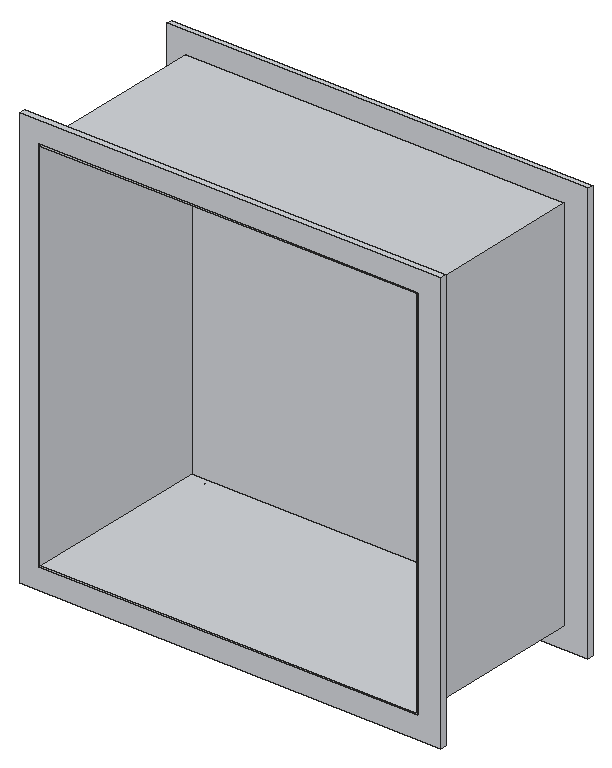
Revit family "НЕВАТОМ_Клапан KD-120-AxB-F2-SN-EM-24(220)-04", category Арматура воздуховодов, Revit 2017
Family settings
  Размер круглого соединителя = Использовать диаметр
  Тип детали = Вставляется
  На основе рабочей плоскости = Нет
  Всегда вертикально = Да
  При загрузке вырезать с полостями = Нет
  Общий = Нет
Parameters (values of type "НЕВАТОМ_Клапан KD-120-AxB-F2-SN-EM-24(220)-04")
  а [instance] = A - 2 mm  # 398 mm
  Постоянная ширина [instance] = 200 mm
  НЕВАТОМ_Потребляемая мощность привода = if(and(not(ADSK_Напряжение > 220 V), not(ADSK_Напряжение < 220 V)), 30 W, if(and(not(ADSK_Напряжение > 24 V), not(ADSK_Напряжение < 24 V)), 90 W, 0 W))  # 90 W
  НЕВАТОМ_URL [instance] = "https://t.me/NEVATOM_Bim_bot"
  Клапан = "НЕВАТОМ_Клапан KD-120-AxB-F2-SN-EM-24(220)-04"  # constant formula
  Неватом_открытое положение заслонки [instance] = no
  Неватом_закрытое положение заслонки [instance] = and(not(Неватом_открытое положение заслонки))  # yes
  Выбор напряжения = if(U24, 1 mm, 0 mm)  # 1 mm
  t фланца = 2.5 mm
  t корпуса = 220 mm - 2.5 mm  # 217.5 mm
  h прохода = 220 mm - 5 mm  # 215 mm
  b [instance] = B - 2 mm  # 398 mm
  U24 = yes
  U220 = and(not(U24))  # no
  B2 [instance] = if(and(A + B < 1001 mm), B + 45 mm, if(and(A + B > 1001 mm), B + 60 mm, 0 mm))  # 445 mm
  B [instance] = 400 mm
  ADSK_Ток = 3 A  # constant formula
  ADSK_Расход воздуха [instance] = 0.0 m³/h
  ADSK_Размер_Ширина [instance] = A  # 400 mm
  ADSK_Размер_Высота [instance] = B  # 400 mm
  ADSK_Предел огнестойкости = "120"  # constant formula
  ADSK_Полная мощность = НЕВАТОМ_Потребляемая мощность привода  # 90 VA
  ADSK_Обозначение = ""
  ADSK_Номинальная мощность = ADSK_Полная мощность * ADSK_Коэффициент мощности  # 90 W
  ADSK_Напряжение = if(U24, 24 V, 220 V)  # 24 V
  ADSK_Наименование [instance] = "Клапан дымоудаления канальный"  # constant formula
  ADSK_Масса [instance] = size_lookup(Клапан, "N", 0, A, B, Выбор напряжения)  # 0
  ADSK_Марка [instance] = size_lookup(Клапан, "", "нестандартное исполнение", A, B, Выбор напряжения)  # "KD-120-400x400-F2-SN-EM-24"
  ADSK_Коэффициент мощности = 1  # constant formula
  ADSK_Количество = 1  # constant formula
  ADSK_Код изделия = ""
  ADSK_Зона = ""
  ADSK_Завод-изготовитель = "НЕВАТОМ"  # constant formula
  ADSK_Единица измерения = "шт."  # constant formula
  A2 [instance] = if(and(A + B < 1001 mm), A + 45 mm, if(and(A + B > 1001 mm), A + 60 mm, 0 mm))  # 445 mm
  A [instance] = 400 mm
Reference planes
  plane 1 "По центру (Вперед/Назад)": y = 0
  plane 2: z = 0
  plane 3 "По центру (Влево/Вправо)": x = 0
  plane 4: y = -200
  plane 5: z = 222.5
  plane 6: z = -222.5
  plane 7: x = -1855.53
  plane 8: x = -1410.53
  plane 9: x = -1835.53
  plane 10: x = -1435.53
  plane 11: z = 200
  plane 12: z = -200
  plane 13 "заслонка": y = 570
  plane 14: y = -200
Forms (mm)
  Extrusion 1, solid, detail levels medium+fine
    sketch origin (0, 0, 0) x (1, 0, 0) y (0, 0, 1)
      loop
        line (-1835.53, 200) -> (-1835.53, -200) -> (-1435.53, -200) -> (-1435.53, 200) -> (-1835.53, 200)
      loop
        line (-1834.53, 199) -> (-1834.53, -199.108) -> (-1436.7, -199.108) -> (-1436.7, 199) -> (-1834.53, 199)
    from 0 to 200
  Extrusion 2, solid, visible <- "Неватом_закрытое положение заслонки", detail levels medium+fine
    sketch origin (0, 0, 0) x (0, 1, 0) y (0, 0, 1)
      loop
        line (0, 200) -> (0, -200) -> (1.324, -200) -> (1.324, 200) -> (0, 200)
    from -1835.53 to -1435.53
  Extrusion 3, solid, detail levels medium+fine
    sketch origin (0, 193.784, 0) x (1, 0, 0) y (0, 0, 1)
      loop
        line (-1855.53, 222.5) -> (-1855.53, -222.5) -> (-1410.53, -222.5) -> (-1410.53, 222.5) -> (-1855.53, 222.5)
      loop
        line (-1835.53, 200) -> (-1835.53, -200) -> (-1435.53, -200) -> (-1435.53, 200) -> (-1835.53, 200)
    from 193.784 to 200
  Extrusion 4, solid, detail levels medium+fine
    sketch origin (0, 0, 0) x (1, 0, 0) y (0, 0, 1)
      loop
        line (-1855.53, 222.5) -> (-1855.53, -222.5) -> (-1410.53, -222.5) -> (-1410.53, 222.5) -> (-1855.53, 222.5)
      loop
        line (-1835.53, 200) -> (-1835.53, -200) -> (-1435.53, -200) -> (-1435.53, 200) -> (-1835.53, 200)
    from 193.784 to 200
Dimensions and locks
  equal spacing: plane 5, level, plane 6
  equal spacing: plane 11, level, plane 12
  "A2": plane 8 to plane 7
  "A": plane 10 to plane 9
  "B2": plane 5 to plane 6
  "B": plane 11 to plane 12
  "Постоянная ширина": plane 1 "По центру (Вперед/Назад)" to plane 4
  plane 9 to plane 10 = 400 mm
  Extrusion 1 to Extrusion 2 sketch curve = 1.324 mm
  locked: Extrusion 2 to Extrusion 2 at 1.324
  locked: Extrusion 3 to Extrusion 3 at 6.216
  locked: Extrusion 4 to Extrusion 4 at 6.216
  aligned and locked: level to plane 2
  aligned and locked: Extrusion 1 sketch curve to plane 11
  aligned and locked: plane 9 to Extrusion 1 sketch curve
  aligned and locked: Extrusion 1 sketch curve to plane 10
  aligned and locked: plane 12 to Extrusion 1 sketch curve
  aligned and locked: Extrusion 1 to plane 4
  aligned and locked: Extrusion 1 to plane 1 "По центру (Вперед/Назад)"
  aligned and locked: plane 4 to plane 14
  aligned and locked: plane 12 to Extrusion 2 sketch curve
  aligned and locked: Extrusion 2 sketch curve to plane 11
  aligned and locked: plane 1 "По центру (Вперед/Назад)" to Extrusion 2
  aligned and locked: Extrusion 2 to plane 9
  aligned and locked: plane 10 to Extrusion 2
  aligned and locked: Extrusion 3 to plane 1 "По центру (Вперед/Назад)"
  aligned and locked: Extrusion 3 to plane 7
  aligned and locked: plane 8 to Extrusion 3
  aligned and locked: plane 10 to nested 1
  aligned and locked: Extrusion 4 to plane 4
  aligned and locked: Extrusion 4 to plane 7
  aligned and locked: plane 8 to Extrusion 4
  aligned and locked: nested 2 to level
  aligned and locked: plane 9 to nested 3
Automatic sketch dimensions
  plane 9 to Extrusion 1 sketch curve = 1 mm
  Extrusion 1 sketch curve to plane 10 = 1.17 mm
  plane 12 to Extrusion 1 sketch curve = 0.892 mm
  Extrusion 1 sketch curve to plane 11 = 1 mm
  Extrusion 2 sketch curve to plane 1 "По центру (Вперед/Назад)" = 0 mm
  Extrusion 3 sketch curve to plane 6 = 0 mm
  Extrusion 3 sketch curve to plane 7 = 0 mm
  Extrusion 3 sketch curve to plane 9 = 0 mm
  Extrusion 3 sketch curve to plane 10 = 0 mm
  Extrusion 3 sketch curve to plane 5 = 0 mm
  Extrusion 3 sketch curve to plane 8 = 0 mm
  Extrusion 3 sketch curve to plane 12 = 0 mm
  Extrusion 3 sketch curve to plane 11 = 0 mm
  Extrusion 4 sketch curve to plane 6 = 0 mm
  Extrusion 4 sketch curve to plane 7 = 0 mm
  Extrusion 4 sketch curve to plane 9 = 0 mm
  Extrusion 4 sketch curve to plane 10 = 0 mm
  Extrusion 4 sketch curve to plane 5 = 0 mm
  Extrusion 4 sketch curve to plane 8 = 0 mm
  Extrusion 4 sketch curve to plane 12 = 0 mm
  Extrusion 4 sketch curve to plane 11 = 0 mm
Nested families
  nested 1: "Семейство1" at (-1635.53, -93.784, 0), visible <- "Неватом_открытое положение заслонки", a <- "A", b <- "B", type "Семейство1"
    with b 400 mm, a 400 mm
  nested 2: "Привод_ЕМ" at (-1835.53, -93.784, 0) x (0, -1, 0) z (-1, 0, 0), type "Привод_ЕМ", detail levels medium+fine
  nested 3: "НЕВАТОМ_УГО_Клапан KD" at (-1635.53, -100, 0) x (-1, 0, 0) z (0, 0, 1), Ширина клапана <- "ADSK_Размер_Ширина", Толщина клапана <- "Постоянная ширина", type "НЕВАТОМ_УГО_Клапан KD"
    with Ширина клапана 400 mm, Толщина клапана 200 mm
Connectors
  hvac at (-1635.53, 0, 0), driven by "B", driven by "A", driven by "ADSK_Расход воздуха"
    settings: on Extrusion 1, index 1, duct flow 0.0 m³/h, flow factor 0, pres drop 0.0 Pa, loss coef 0, conn angle 0.00°, conn width 400 mm, conn height 400 mm, conn diameter 609.6 mm, duct sys type 29, conn prof type 1, flow config 0, flow direction 0, loss method 0, conn ref index 2, conn util no, is conn primary yes, conn desc ""
  hvac at (-1635.615, -200, -0.054), driven by "B", driven by "A", driven by "ADSK_Расход воздуха"
    settings: on Extrusion 1, index 2, duct flow 0.0 m³/h, flow factor 0, pres drop 0.0 Pa, loss coef 0, conn angle 0.00°, conn width 400 mm, conn height 400 mm, conn diameter 609.6 mm, duct sys type 29, conn prof type 1, flow config 0, flow direction 0, loss method 0, conn ref index 1, conn util no, is conn primary no, conn desc ""
  electrical at (-1835.53, -100, 0), driven by "ADSK_Напряжение", driven by "ADSK_Полная мощность"
    settings: on Extrusion 1, index 3, voltage 24 V, apparent load 0 VA, apparent load phase1 90 VA, apparent load phase2 0 VA, apparent load phase3 0 VA, power factor 1, load classification "Прочее", number of poles 1, system type 31, power factor state 1, is connector primary yes, connector utility no, sub classification motor no, connector description ""
Definition of nested family "Семейство1"
  Parameters (values of type "Семейство1")
    b [instance] = 800 mm
    a [instance] = 800 mm
  Reference planes
    plane 1 "По центру (Вперед/Назад)": y = 0
    plane 2: z = 0
    plane 3 "По центру (Влево/Вправо)": x = 0
    plane 4: y = 400
    plane 5: y = -400
    plane 6: x = -400
    plane 7: x = 400
  Forms (mm)
    Extrusion 1, solid
      sketch origin (0, 0, 0) x (1, 0, 0) y (0, 1, 0)
        loop
          line (-400, 400) -> (-400, -400) -> (400, -400) -> (400, 400) -> (-400, 400)
      from 0 to 3.086
  Dimensions and locks
    equal spacing: plane 6, plane 3 "По центру (Влево/Вправо)", plane 7
    equal spacing: plane 4, plane 1 "По центру (Вперед/Назад)", plane 5
    "b": plane 4 to plane 5
    "a": plane 6 to plane 7
    locked: Extrusion 1 to Extrusion 1 at 3.086  (x2)
    aligned and locked: level to plane 2
    aligned and locked: Extrusion 1 sketch curve to plane 7
    aligned and locked: Extrusion 1 sketch curve to plane 4
    aligned and locked: plane 6 to Extrusion 1 sketch curve
    aligned and locked: plane 5 to Extrusion 1 sketch curve
Definition of nested family "Привод_ЕМ"
  Parameters (values of type "Привод_ЕМ")
    Default Elevation = 1219.2 mm
  Reference planes
    plane 1 "По центру (Вперед/Назад)": y = 0
    plane 2: z = 0
    plane 3 "По центру (Влево/Вправо)": x = 0
  Forms (mm)
    Extrusion 1, solid
      sketch origin (0, 0, 0) x (1, 0, 0) y (0, 1, 0)
        loop
          line (-50, -86.751) -> (50, -86.751) -> (50, 73.249) -> (-50, 73.249) -> (-50, -86.751)
      from 0 to 4.455
    Extrusion 2, solid
      sketch origin (0, 0, 0) x (1, 0, 0) y (0, 0, 1)
        loop
          line (40, 4.455) -> (40, 27.278) -> (-40, 27.278) -> (-40, 4.455) -> (-37, 4.455) -> (-37, 24.278) -> (37, 24.278) -> (37, 4.455) -> (40, 4.455)
      from -49.979 to 0
    Extrusion 3, solid
      sketch origin (0, 0, 0) x (1, 0, 0) y (0, 1, 0)
        loop
          circle (0, -47.992) r 30
        loop
          circle (0, -47.992) r 25
      from 4.455 to 27.278
    Extrusion 4, solid
      sketch origin (0, -90, 0) x (1, 0, 0) y (0, 1, 0)
        loop
          circle (0, 42.008) r 20
        loop
          circle (0, 42.008) r 15
      from 4.455 to 27.278
  Dimensions and locks
    locked: Extrusion 1 to Extrusion 1 at 4.455
    locked: Extrusion 2 to Extrusion 2 at 49.979
    aligned and locked: level to plane 2
    aligned and locked: plane 1 "По центру (Вперед/Назад)" to Extrusion 2
    aligned and locked: Extrusion 3 to Extrusion 1
    aligned and locked: Extrusion 2 to Extrusion 3
Definition of nested family "НЕВАТОМ_УГО_Клапан KD"
  Parameters (values of type "НЕВАТОМ_УГО_Клапан KD")
    Ширина косой линии УГО = 150 mm
    Ширина клапана [instance] = 200 mm
    Толщина клапана [instance] = 120 mm
  Reference planes
    plane 1 "По центру (Вперед/Назад)": y = 0
    plane 2: z = 0
    plane 3 "По центру (Влево/Вправо)": x = 0
    plane 4: x = -100
    plane 5: x = 100
    plane 6: y = 60
    plane 7: y = -60
  Lines and regions (mm)
    symbolic lines, not visible
      curve 1: line (-77.5, 60, 0) -> (-77.5, -60, 0)
      curve 2: line (-22.5, 60, 0) -> (-22.5, -60, 0)
      curve 6: line (-50, 60, 0) -> (-50, -60, 0)
    model lines, not visible, detail levels coarse
      curve 3: line (-77.5, -60, 0) -> (-61.458, -24.999, 0)
      curve 4: circle (-50, 0, 0) r 27.5 normal (0, 0, 1)
      curve 5: line (-38.542, 24.999, 0) -> (-22.5, 60, 0)
    model lines, detail levels coarse+medium
      curve 7: line (-100, 60, 0) -> (100, 60, 0)
      curve 8: line (-100, -60, 0) -> (-100, 60, 0)
      curve 9: line (100, -60, 0) -> (-100, -60, 0)
      curve 10: line (100, 60, 0) -> (100, -60, 0)
  Dimensions and locks
    equal spacing: plane 7, plane 1 "По центру (Вперед/Назад)", plane 6
    "Толщина клапана": plane 7 to plane 6
    equal spacing: plane 4, plane 3 "По центру (Влево/Вправо)", plane 5
    "Ширина клапана": plane 4 to plane 5
    aligned and locked: level to plane 2
    aligned and locked: curve 7 to plane 6
    aligned and locked: plane 4 to curve 8
    aligned and locked: curve 9 to plane 7
    aligned and locked: curve 10 to plane 5
    aligned and locked: plane 1 "По центру (Вперед/Назад)" to nested 2
    aligned and locked: plane 3 "По центру (Влево/Вправо)" to nested 2
  Automatic sketch dimensions
    curve 3 to curve 4 = 27.5 mm
    curve 1 to curve 5 = 55 mm
    curve 3 to curve 4 = 60 mm
    curve 4 to curve 5 = 60 mm
    curve 3 to curve 4 = 11.458 mm
    curve 6 to curve 2 = 27.5 mm
    curve 4 to curve 5 = 11.458 mm
    curve 3 to curve 2 = 0 mm
    curve 6 to curve 2 = 0 mm  (x2)
    curve 3 to curve 4 = 24.999 mm
    curve 1 to curve 6 = 0 mm
  Nested families
    nested 1: "РОВЕН_ЛинияДляЗаливкиУГО" at (-50, -0.543, 0), type "РОВЕН_ЛинияДляЗаливкиУГО", not visible
      with l 156.205 mm
    nested 2: "РОВЕН_УгоКлапанДМУ2D" at (0, 0, 0), Толщина клапана <- "Толщина клапана", Ширина клапана <- "Ширина клапана", type "РОВЕН_УгоКлапанДМУ2D", detail levels coarse+medium
      with Ширина клапана 200 mm, Толщина клапана 120 mm
  Definition of nested family "РОВЕН_УгоКлапанДМУ2D"
    Parameters (values of type "РОВЕН_УгоКлапанДМУ2D")
      Ширина клапана [instance] = 250 mm
      Толщина клапана [instance] = 120 mm
      Отступ для УГО = 60 mm
      Материал = none
    Reference planes
      plane 1 "По центру (Вперед/Назад)": y = 0
      plane 2: z = 0
      plane 3 "По центру (Влево/Вправо)": x = 0
      plane 4: x = -125
      plane 5: x = 125
      plane 6: y = 60
      plane 7: y = -60
      plane 8: x = -65
      plane 9: x = 65
      plane 10: z = 1
    Forms (mm)
      Extrusion 1, solid, material <- "Материал"
        sketch origin (0, 0, 0) x (1, 0, 0) y (0, 1, 0)
          loop
            line (-125, 60) -> (-125, -60) -> (125, -60) -> (-125, 60)
        from 0 to 1
    Lines and regions (mm)
      symbolic lines, not visible
        curve 1: line (-77.5, 60, 0) -> (-77.5, -60, 0)
        curve 2: line (-22.5, 60, 0) -> (-22.5, -60, 0)
        curve 6: line (-50, 60, 0) -> (-50, -60, 0)
      model lines, not visible, detail levels coarse
        curve 3: line (-77.5, -60, 0) -> (-61.458, -24.999, 0)
        curve 4: circle (-50, 0, 0) r 27.5 normal (0, 0, 1)
        curve 5: line (-38.542, 24.999, 0) -> (-22.5, 60, 0)
      model lines, not visible, detail levels coarse+medium
        curve 7: line (-125, 60, 0) -> (125, 60, 0)
        curve 8: line (-125, -60, 0) -> (-125, 60, 0)
        curve 9: line (125, -60, 0) -> (-125, -60, 0)
        curve 10: line (125, 60, 0) -> (125, -60, 0)
    Dimensions and locks
      equal spacing: plane 7, plane 1 "По центру (Вперед/Назад)", plane 6
      "Толщина клапана": plane 7 to plane 6
      equal spacing: plane 4, plane 3 "По центру (Влево/Вправо)", plane 5
      "Ширина клапана": plane 4 to plane 5
      "Отступ для УГО": plane 4 to plane 8
      "Отступ для УГО": plane 9 to plane 5
      locked: plane 10 to plane 2 at 1
      aligned and locked: level to plane 2
      aligned and locked: curve 10 to plane 5
      aligned and locked: Extrusion 1 sketch curve to plane 4
      aligned and locked: plane 7 to Extrusion 1 sketch curve  (x2)
      aligned and locked: plane 6 to Extrusion 1 sketch curve
      aligned and locked: plane 5 to Extrusion 1 sketch curve
      aligned and locked: plane 10 to Extrusion 1
    Automatic sketch dimensions
      curve 3 to curve 4 = 27.5 mm
      curve 1 to curve 5 = 55 mm
      curve 3 to curve 4 = 60 mm
      curve 4 to curve 5 = 60 mm
      curve 3 to curve 4 = 11.458 mm
      curve 6 to curve 2 = 27.5 mm
      curve 4 to curve 5 = 11.458 mm
      curve 3 to curve 2 = 0 mm
      curve 6 to curve 2 = 0 mm  (x2)
      curve 3 to curve 4 = 24.999 mm
      curve 1 to curve 6 = 0 mm
      curve 7 to plane 4 = 0 mm
      curve 8 to plane 6 = 0 mm
      plane 7 to curve 9 = 0 mm
    Nested families
      nested 1: "РОВЕН_ЛинияДляЗаливкиУГО" at (-50, -0.543, 0), type "РОВЕН_ЛинияДляЗаливкиУГО", not visible
        with l 150 mm
    Definition of nested family "РОВЕН_ЛинияДляЗаливкиУГО"
      Parameters (values of type "РОВЕН_ЛинияДляЗаливкиУГО")
        l = 60 mm
      Reference planes
        plane 1 "По центру (Вперед/Назад)": y = 0
        plane 2: z = 0
        plane 3 "По центру (Влево/Вправо)": x = 0
        plane 4: y = 60
      Lines and regions (mm)
        model lines, detail levels coarse+medium
          curve 1: line (0, 0, 0) -> (0, 60, 0)
      Dimensions and locks
        "l": plane 1 "По центру (Вперед/Назад)" to plane 4
        aligned and locked: level to plane 2
        aligned and locked: plane 4 to curve 1
        aligned and locked: plane 1 "По центру (Вперед/Назад)" to curve 1
        aligned and locked: plane 3 "По центру (Влево/Вправо)" to curve 1
  Definition of nested family "РОВЕН_ЛинияДляЗаливкиУГО"
    Parameters (values of type "РОВЕН_ЛинияДляЗаливкиУГО")
      l = 60 mm
    Reference planes
      plane 1 "По центру (Вперед/Назад)": y = 0
      plane 2: z = 0
      plane 3 "По центру (Влево/Вправо)": x = 0
      plane 4: y = 60
    Lines and regions (mm)
      model lines, detail levels coarse+medium
        curve 1: line (0, 0, 0) -> (0, 60, 0)
    Dimensions and locks
      "l": plane 1 "По центру (Вперед/Назад)" to plane 4
      aligned and locked: level to plane 2
      aligned and locked: plane 4 to curve 1
      aligned and locked: plane 1 "По центру (Вперед/Назад)" to curve 1
      aligned and locked: plane 3 "По центру (Влево/Вправо)" to curve 1
